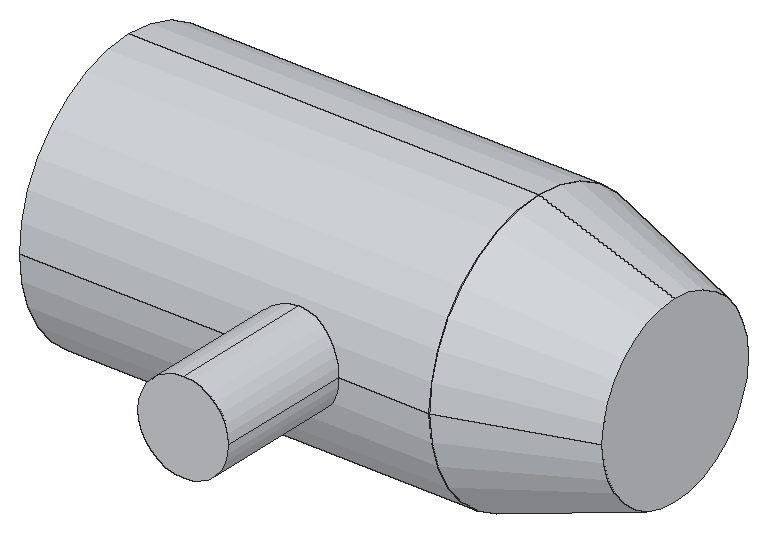
Revit family "RU T-Stück 90 Grad - Gleitgelenk", category Luftkanalformteile, Revit 2014
Parameters (values of type "Allgemein")
  r3 [instance] = 50 mm
  r2 [instance] = 100 mm
  r1 [instance] = 150 mm
  l4 [instance] = if(0.5 * (l3) > r3, 0.5 * (l3), r3)  # 150 mm
  l3 [instance] = if(l = 0 mm, if(Länge l3 > d3 / 2, Länge l3, Max. d1d2d3 * 0.1), if(l > d3 / 2, l, Max. d1d2d3 * 0.1))  # 300 mm
  l [instance] = 0 mm
  Länge l3 [instance] = Max. d1d2d3  # 300 mm
  d3 [instance] = 2 * r3  # 100 mm
  d2 [instance] = 2 * r2  # 200 mm
  d13 [instance] = if(d1 < d3, d1, d3)  # 100 mm
  Min. d1d2d3 [instance] = if(d13 < d2, d13, d2)  # 100 mm
  Max. d1d2d3 [instance] = if(d12 > d3, d12, d3)  # 300 mm
  d1 [instance] = 2 * r1  # 300 mm
  d12 [instance] = if(d1 > d2, d1, d2)  # 300 mm
Reference planes
  plane 1 "Mitte (vorne/hinten)": y = 0
  plane 2: z = 0
  plane 3 "Mitte (links/rechts)": x = 0
  plane 4: x = -300
  plane 5: x = 300
  plane 6: y = -300
  plane 7: x = 150
Forms (mm)
  SweptBlend 1, solid, detail levels medium+fine
    path origin (0, 0, 0) x (1, 0, 0) y (0, 1, 0)
      loop
        line (150, 0) -> (300, 0)
    profile "Luftkanal - rund : Luftkanal - rund 1" origin (150, 0, 0) x (0, 1, 0) y (0, 0, 1)
      loop
        arc (-150, 0) -> (-106.066, -106.066) -> (0, -150) r 150
        arc (0, -150) -> (106.066, -106.066) -> (150, 0) r 150
        arc (150, 0) -> (106.066, 106.066) -> (0, 150) r 150
        arc (0, 150) -> (-106.066, 106.066) -> (-150, 0) r 150
    end profile "Luftkanal - rund : Luftkanal rund - 2" origin (300, 0, 0) x (0, 1, 0) y (0, 0, 1)
      loop
        arc (-100, 0) -> (-70.711, -70.711) -> (0, -100) r 100
        arc (0, -100) -> (70.711, -70.711) -> (100, 0) r 100
        arc (100, 0) -> (70.711, 70.711) -> (0, 100) r 100
        arc (0, 100) -> (-70.711, 70.711) -> (-100, 0) r 100
  Sweep 2, solid, detail levels medium+fine
    path origin (0, 0, 0) x (1, 0, 0) y (0, 1, 0)
      loop
        line (-300, 0) -> (150, 0)
    profile "Luftkanal - rund : Luftkanal - rund 1" origin (-75, 0, 0) x (0, 1, 0) y (0, 0, 1)
      loop
        arc (-150, 0) -> (-106.066, -106.066) -> (0, -150) r 150
        arc (0, -150) -> (106.066, -106.066) -> (150, 0) r 150
        arc (150, 0) -> (106.066, 106.066) -> (0, 150) r 150
        arc (0, 150) -> (-106.066, 106.066) -> (-150, 0) r 150
  Sweep 3, solid, detail levels medium+fine
    path origin (0, 0, 0) x (1, 0, 0) y (0, 1, 0)
      loop
        line (0, -300) -> (0, 0)
    profile "Luftkanal - rund : Luftkanal - rund 3" origin (0, -150, 0) x (-1, 0, 0) y (0, 0, 1)
      loop
        arc (-50, 0) -> (-35.355, -35.355) -> (0, -50) r 50
        arc (0, -50) -> (35.355, -35.355) -> (50, 0) r 50
        arc (50, 0) -> (35.355, 35.355) -> (0, 50) r 50
        arc (0, 50) -> (-35.355, 35.355) -> (-50, 0) r 50
Cuts and joins
  joined: Sweep 2, Sweep 3
Lines and regions (mm)
  model lines, detail levels coarse
    curve 1: line (-300, 0, 0) -> (150, 0, 0)
    curve 2: line (150, 0, 0) -> (300, 0, 0)
    curve 3: line (0, 0, 0) -> (0, -300, 0)
Dimensions and locks
  "l4": plane 3 "Mitte (links/rechts)" to plane 7
  "l3": plane 4 to plane 3 "Mitte (links/rechts)"
  "l3": plane 3 "Mitte (links/rechts)" to plane 5
  "l3": plane 1 "Mitte (vorne/hinten)" to plane 6
  aligned and locked: plane 1 "Mitte (vorne/hinten)" to curve 1
  aligned and locked: plane 7 to curve 1
  aligned and locked: curve 3 to plane 3 "Mitte (links/rechts)"
  aligned and locked: plane 1 "Mitte (vorne/hinten)" to curve 3
  aligned and locked: curve 1 to SweptBlend 1 sketch curve
  aligned and locked: plane 1 "Mitte (vorne/hinten)" to Sweep 2 sketch curve
  aligned and locked: plane 4 to Sweep 2 sketch curve
  aligned and locked: plane 7 to Sweep 2 sketch curve
  aligned and locked: plane 3 "Mitte (links/rechts)" to Sweep 3 sketch curve
  aligned and locked: plane 1 "Mitte (vorne/hinten)" to Sweep 3 sketch curve
  aligned and locked: plane 6 to Sweep 3 sketch curve
  aligned and locked: plane 5 to curve 2
  aligned and locked: plane 4 to curve 1
  aligned and locked: plane 6 to curve 3
Automatic sketch dimensions
  SweptBlend 1 sketch curve to plane 5 = 0 mm
  SweptBlend 1 sketch curve to plane 7 = 0 mm
Connectors
  hvac at (-300, 0, 0), driven by "r1"
    settings: on cut or joined group of Sweep 2, Sweep 3, index 1, duct flow 0.0 L/s, flow factor 0, pres drop 0.0 Pa, loss coef 0, conn angle 0.00°, conn width 304.8 mm, conn height 304.8 mm, conn diameter 300 mm, duct sys type 28, conn prof type 0, flow config 0, flow direction 0, loss method 0, conn ref index 2, conn util no, is conn primary yes, conn desc ""
  hvac at (300, 0, 0), driven by "r2"
    settings: on SweptBlend 1, index 2, duct flow 0.0 L/s, flow factor 0, pres drop 0.0 Pa, loss coef 0, conn angle 0.00°, conn width 304.8 mm, conn height 304.8 mm, conn diameter 200 mm, duct sys type 28, conn prof type 0, flow config 0, flow direction 0, loss method 0, conn ref index 1, conn util no, is conn primary no, conn desc ""
  hvac at (0, -300, 0), driven by "r3"
    settings: on cut or joined group of Sweep 2, Sweep 3, index 3, duct flow 0.0 L/s, flow factor 0, pres drop 0.0 Pa, loss coef 0, conn angle 0.00°, conn width 304.8 mm, conn height 304.8 mm, conn diameter 100 mm, duct sys type 28, conn prof type 0, flow config 0, flow direction 0, loss method 0, conn ref index -1, conn util no, is conn primary no, conn desc ""
